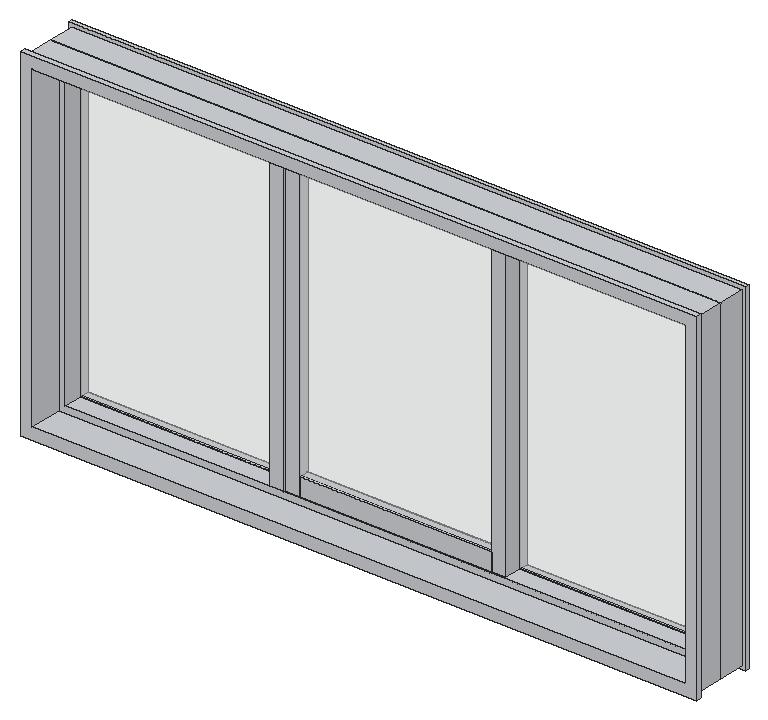
Revit family "APL Residential Thermal Heart Sliding Window FSF", category Windows, host Wall, Revit 2017 (continued)
Definition of nested family "APL Residential Thermal Heart Sliding Window FSF Vertical Section"
  Definition of nested family "Two Panel Sill"
    Definition of nested family "65380_Frame Sill"
      Lines and regions (mm)
        detail lines, in view "Ref. Level"
          curve 580: line (70.6, 10, 0) -> (70.893, 10, 0)
          curve 581: line (71.093, 10.054, 0) -> (72.621, 10.939, 0)
          curve 582: line (73.222, 11.1, 0) -> (74.145, 11.1, 0)
          curve 583: line (75.084, 11.758, 0) -> (75.877, 13.937, 0)
          curve 584: line (76.253, 14.2, 0) -> (78.947, 14.2, 0)
          curve 585: line (79.323, 13.937, 0) -> (80.116, 11.758, 0)
          curve 586: line (81.055, 11.1, 0) -> (81.978, 11.1, 0)
          curve 587: line (82.579, 10.939, 0) -> (84.107, 10.054, 0)
          curve 588: line (84.307, 10, 0) -> (84.6, 10, 0)
          curve 589: line (85, 10.4, 0) -> (85, 13.8, 0)
          curve 590: line (84.6, 14.2, 0) -> (84.307, 14.2, 0)
          curve 591: line (84.107, 14.146, 0) -> (82.579, 13.262, 0)
          curve 592: line (81.684, 13.298, 0) -> (80.796, 15.737, 0)
          curve 593: line (80.42, 16, 0) -> (74.78, 16, 0)
          curve 594: line (74.404, 15.737, 0) -> (73.516, 13.298, 0)
          curve 595: line (72.621, 13.262, 0) -> (71.093, 14.146, 0)
          curve 596: line (70.893, 14.2, 0) -> (70.6, 14.2, 0)
          curve 597: line (70.2, 13.8, 0) -> (70.2, 10.4, 0)
          curve 598: arc (70.2, 5.6, 0) -> (70.317, 5.883, 0) -> (70.6, 6, 0) r 0.4
          curve 599: arc (70.893, 6, 0) -> (70.996, 5.987, 0) -> (71.093, 5.946, 0) r 0.4
          curve 600: arc (72.621, 5.062, 0) -> (72.911, 4.941, 0) -> (73.222, 4.9, 0) r 1.2
          curve 601: arc (74.145, 4.9, 0) -> (74.718, 4.719, 0) -> (75.084, 4.242, 0) r 1
          curve 602: arc (75.877, 2.063, 0) -> (76.024, 1.873, 0) -> (76.253, 1.8, 0) r 0.4
          curve 603: arc (78.947, 1.8, 0) -> (79.176, 1.873, 0) -> (79.323, 2.063, 0) r 0.4
          curve 604: arc (80.116, 4.242, 0) -> (80.482, 4.719, 0) -> (81.055, 4.9, 0) r 1
          curve 605: arc (81.978, 4.9, 0) -> (82.289, 4.941, 0) -> (82.579, 5.062, 0) r 1.2
          curve 606: arc (84.107, 5.946, 0) -> (84.204, 5.987, 0) -> (84.307, 6, 0) r 0.4
          curve 607: arc (84.6, 6, 0) -> (84.883, 5.883, 0) -> (85, 5.6, 0) r 0.4
          curve 608: arc (85, 2.2, 0) -> (84.883, 1.917, 0) -> (84.6, 1.8, 0) r 0.4
          curve 609: arc (84.307, 1.8, 0) -> (84.204, 1.814, 0) -> (84.107, 1.854, 0) r 0.4
          curve 610: arc (82.579, 2.739, 0) -> (82.285, 2.86, 0) -> (81.97, 2.9, 0) r 1.2
          curve 611: arc (81.97, 2.9, 0) -> (81.795, 2.847, 0) -> (81.684, 2.703, 0) r 0.3
          curve 612: arc (80.796, 0.263, 0) -> (80.649, 0.073, 0) -> (80.42, 0, 0) r 0.4
          curve 613: arc (74.78, 0, 0) -> (74.551, 0.073, 0) -> (74.404, 0.263, 0) r 0.4
          curve 614: arc (73.516, 2.703, 0) -> (73.405, 2.847, 0) -> (73.23, 2.9, 0) r 0.3
          curve 615: arc (73.23, 2.9, 0) -> (72.915, 2.86, 0) -> (72.621, 2.739, 0) r 1.2
          curve 616: arc (71.093, 1.854, 0) -> (70.996, 1.814, 0) -> (70.893, 1.8, 0) r 0.4
          curve 617: arc (70.6, 1.8, 0) -> (70.317, 1.917, 0) -> (70.2, 2.2, 0) r 0.4
          curve 618: line (70.6, 6, 0) -> (70.893, 6, 0)
          curve 619: line (71.093, 5.946, 0) -> (72.621, 5.062, 0)
          curve 620: line (73.222, 4.9, 0) -> (74.145, 4.9, 0)
          curve 621: line (75.084, 4.242, 0) -> (75.877, 2.063, 0)
          curve 622: line (76.253, 1.8, 0) -> (78.947, 1.8, 0)
          curve 623: line (79.323, 2.063, 0) -> (80.116, 4.242, 0)
          curve 624: line (81.055, 4.9, 0) -> (81.978, 4.9, 0)
          curve 625: line (82.579, 5.062, 0) -> (84.107, 5.946, 0)
          curve 626: line (84.307, 6, 0) -> (84.6, 6, 0)
          curve 627: line (85, 5.6, 0) -> (85, 2.2, 0)
          curve 628: line (84.6, 1.8, 0) -> (84.307, 1.8, 0)
          curve 629: line (84.107, 1.854, 0) -> (82.579, 2.739, 0)
          curve 630: line (81.684, 2.703, 0) -> (80.796, 0.263, 0)
          curve 631: line (80.42, 0, 0) -> (74.78, 0, 0)
          curve 632: line (74.404, 0.263, 0) -> (73.516, 2.703, 0)
          curve 633: line (72.621, 2.739, 0) -> (71.093, 1.854, 0)
          curve 634: line (70.893, 1.8, 0) -> (70.6, 1.8, 0)
          curve 635: line (70.2, 2.2, 0) -> (70.2, 5.6, 0)
          curve 636: line (106.85, 34.861, 0) -> (112.6, 36.402, 0)
          curve 637: line (111.139, 36.01, 0) -> (106.85, 36.01, 0)
          curve 638: line (112.6, 36.85, 0) -> (106.85, 36.85, 0)
          curve 639: line (112.6, 37.69, 0) -> (106.85, 37.69, 0)
          curve 640: line (112.6, 38.61, 0) -> (106.85, 38.61, 0)
          curve 641: line (112.6, 39.45, 0) -> (106.85, 39.45, 0)
          curve 642: line (111.139, 40.29, 0) -> (106.85, 40.29, 0)
          curve 643: line (112.6, 39.899, 0) -> (106.85, 41.439, 0)
          curve 644: line (112.85, 34.7, 0) -> (112.85, 41.6, 0)
          curve 645: line (112.6, 41.6, 0) -> (112.6, 34.7, 0)
          curve 646: line (112.6, 34.7, 0) -> (113.1, 34.7, 0)
          curve 647: line (113.1, 34.7, 0) -> (113.1, 41.6, 0)
          curve 648: line (113.1, 41.6, 0) -> (112.6, 41.6, 0)
          curve 662: line (74.15, 34.861, 0) -> (68.4, 36.402, 0)
          curve 663: line (69.861, 36.01, 0) -> (74.15, 36.01, 0)
          curve 664: line (68.4, 36.85, 0) -> (74.15, 36.85, 0)
          curve 665: line (68.4, 37.69, 0) -> (74.15, 37.69, 0)
          curve 666: line (68.4, 38.61, 0) -> (74.15, 38.61, 0)
          curve 667: line (68.4, 39.45, 0) -> (74.15, 39.45, 0)
          curve 668: line (69.861, 40.29, 0) -> (74.15, 40.29, 0)
          curve 669: line (68.4, 39.899, 0) -> (74.15, 41.439, 0)
          curve 670: line (68.15, 34.7, 0) -> (68.15, 41.6, 0)
          curve 671: line (68.4, 41.6, 0) -> (68.4, 34.7, 0)
          curve 672: line (68.4, 34.7, 0) -> (67.9, 34.7, 0)
          curve 673: line (67.9, 34.7, 0) -> (67.9, 41.6, 0)
          curve 674: line (67.9, 41.6, 0) -> (68.4, 41.6, 0)
        detail lines, in view "Ref. Level", not visible
          curve 649: line (101.764, -41.439, 0) -> (107.514, -39.899, 0)
          curve 650: line (106.053, -40.29, 0) -> (101.764, -40.29, 0)
          curve 651: line (107.514, -39.45, 0) -> (101.764, -39.45, 0)
          curve 652: line (107.514, -38.61, 0) -> (101.764, -38.61, 0)
          curve 653: line (107.514, -37.69, 0) -> (101.764, -37.69, 0)
          curve 654: line (107.514, -36.85, 0) -> (101.764, -36.85, 0)
          curve 655: line (106.053, -36.01, 0) -> (101.764, -36.01, 0)
          curve 656: line (107.514, -36.401, 0) -> (101.764, -34.861, 0)
          curve 657: line (107.764, -41.6, 0) -> (107.764, -34.7, 0)
          curve 658: line (107.514, -34.7, 0) -> (107.514, -41.6, 0)
          curve 659: line (107.514, -41.6, 0) -> (108.014, -41.6, 0)
          curve 660: line (108.014, -41.6, 0) -> (108.014, -34.7, 0)
          curve 661: line (108.014, -34.7, 0) -> (107.514, -34.7, 0)
      Text (mm)
        text "65380" at (9.719, 46, 0), in view "Ref. Level"
    Definition of nested family "65460_Door Top And Window Rail"
      Reference planes
        plane 1 "Center (Front/Back)": y = 0
        plane 2: z = 0
        plane 3 "Center (Left/Right)": x = 0
      Lines and regions (mm)
        detail lines, in view "Ref. Level"
          curve 1: arc (20.155, 25.72, 0) -> (19.65, 25.078, 0) -> (19.29, 24.346, 0) r 3.9
          curve 2: arc (19.29, 24.346, 0) -> (19.067, 24.218, 0) -> (18.902, 24.415, 0) r 0.2
          curve 3: arc (18.902, 31.835, 0) -> (19.067, 32.032, 0) -> (19.29, 31.904, 0) r 0.2
          curve 4: arc (19.29, 31.904, 0) -> (19.65, 31.172, 0) -> (20.155, 30.53, 0) r 3.9
          curve 5: arc (20.155, 30.53, 0) -> (21.428, 30.513, 0) -> (21.445, 31.786, 0) r 0.9
          curve 6: arc (21.445, 31.786, 0) -> (20.85, 33.25, 0) -> (21.445, 34.715, 0) r 2.1
          curve 7: arc (21.445, 34.715, 0) -> (21.57, 34.877, 0) -> (21.656, 35.064, 0) r 0.9
          curve 8: arc (21.656, 35.064, 0) -> (21.753, 35.236, 0) -> (21.91, 35.358, 0) r 0.5
          curve 9: arc (21.91, 35.358, 0) -> (22.95, 35.6, 0) -> (23.99, 35.358, 0) r 2.35
          curve 10: arc (23.99, 35.358, 0) -> (24.147, 35.236, 0) -> (24.244, 35.064, 0) r 0.5
          curve 11: arc (24.244, 35.064, 0) -> (24.33, 34.877, 0) -> (24.455, 34.715, 0) r 0.9
          curve 12: arc (24.455, 34.715, 0) -> (25.05, 33.25, 0) -> (24.455, 31.786, 0) r 2.1
          curve 13: arc (24.455, 31.786, 0) -> (24.472, 30.513, 0) -> (25.745, 30.53, 0) r 0.9
          curve 14: arc (25.745, 30.53, 0) -> (26.799, 32.619, 0) -> (26.468, 34.934, 0) r 3.9
          curve 15: arc (26.468, 34.934, 0) -> (26.496, 35.417, 0) -> (26.919, 35.65, 0) r 0.5
          curve 16: arc (31.08, 35.65, 0) -> (31.402, 35.533, 0) -> (31.572, 35.236, 0) r 0.5
          curve 17: arc (31.572, 21.014, 0) -> (31.402, 20.717, 0) -> (31.08, 20.6, 0) r 0.5
          curve 18: arc (26.919, 20.6, 0) -> (26.496, 20.834, 0) -> (26.468, 21.316, 0) r 0.5
          curve 19: arc (26.468, 21.316, 0) -> (26.799, 23.631, 0) -> (25.745, 25.72, 0) r 3.9
          curve 20: arc (25.745, 25.72, 0) -> (24.472, 25.737, 0) -> (24.455, 24.464, 0) r 0.9
          curve 21: arc (24.455, 24.464, 0) -> (25.05, 23, 0) -> (24.455, 21.535, 0) r 2.1
          curve 22: arc (24.455, 21.535, 0) -> (24.33, 21.373, 0) -> (24.244, 21.186, 0) r 0.9
          curve 23: arc (24.244, 21.186, 0) -> (24.147, 21.014, 0) -> (23.99, 20.892, 0) r 0.5
          curve 24: arc (23.99, 20.892, 0) -> (22.95, 20.65, 0) -> (21.91, 20.892, 0) r 2.35
          curve 25: arc (21.91, 20.892, 0) -> (21.753, 21.014, 0) -> (21.656, 21.186, 0) r 0.5
          curve 26: arc (21.656, 21.186, 0) -> (21.57, 21.373, 0) -> (21.445, 21.535, 0) r 0.9
          curve 27: arc (21.445, 21.535, 0) -> (20.85, 23, 0) -> (21.445, 24.464, 0) r 2.1
          curve 28: arc (21.445, 24.464, 0) -> (21.428, 25.737, 0) -> (20.155, 25.72, 0) r 0.9
          curve 29: arc (17.002, 21.247, 0) -> (17.028, 21.125, 0) -> (17.102, 21.023, 0) r 0.3
          curve 30: arc (17.102, 21.023, 0) -> (17.182, 20.693, 0) -> (16.902, 20.5, 0) r 0.3
          curve 31: arc (14.681, 21.043, 0) -> (14.592, 21.095, 0) -> (14.54, 21.184, 0) r 0.2
          curve 32: arc (14.495, 21.352, 0) -> (14.354, 21.493, 0) -> (14.161, 21.441, 0) r 0.2
          curve 33: arc (13.797, 21.077, 0) -> (13.737, 20.992, 0) -> (13.71, 20.891, 0) r 0.3
          curve 34: arc (13.503, 18.526, 0) -> (13.619, 18.262, 0) -> (13.905, 18.218, 0) r 0.3
          curve 35: arc (15.315, 18.731, 0) -> (15.441, 18.819, 0) -> (15.507, 18.957, 0) r 0.3
          curve 36: arc (15.507, 18.957, 0) -> (15.78, 19.199, 0) -> (16.085, 19, 0) r 0.3
          curve 37: arc (31.1, 19, 0) -> (31.414, 18.904, 0) -> (31.601, 18.633, 0) r 0.5
          curve 38: arc (32.601, 3.535, 0) -> (32.523, 3.377, 0) -> (32.349, 3.342, 0) r 0.2
          curve 39: arc (31.453, 3.583, 0) -> (31.279, 3.548, 0) -> (31.201, 3.389, 0) r 0.2
          curve 40: arc (31.439, 1.205, 0) -> (31.508, 1.087, 0) -> (31.636, 1.04, 0) r 0.2
          curve 41: arc (32.901, 0.203, 0) -> (32.959, 0.06, 0) -> (33.101, 0, 0) r 0.2
          curve 42: arc (33.8, 0, 0) -> (33.941, 0.059, 0) -> (34, 0.2, 0) r 0.2
          curve 43: arc (34, 71.5, 0) -> (33.854, 71.854, 0) -> (33.5, 72, 0) r 0.5
          curve 44: arc (32.4, 72, 0) -> (32.259, 71.942, 0) -> (32.2, 71.8, 0) r 0.2
          curve 45: arc (32.2, 57.95, 0) -> (32.141, 57.809, 0) -> (32, 57.75, 0) r 0.2
          curve 46: arc (29.4, 57.75, 0) -> (29.259, 57.692, 0) -> (29.2, 57.55, 0) r 0.2
          curve 47: arc (29.2, 56.45, 0) -> (29.259, 56.309, 0) -> (29.4, 56.25, 0) r 0.2
          curve 48: arc (32, 56.25, 0) -> (32.141, 56.192, 0) -> (32.2, 56.05, 0) r 0.2
          curve 49: arc (32.2, 42.95, 0) -> (32.141, 42.809, 0) -> (32, 42.75, 0) r 0.2
          curve 50: arc (29.4, 42.75, 0) -> (29.259, 42.692, 0) -> (29.2, 42.55, 0) r 0.2
          curve 51: arc (29.2, 41.45, 0) -> (29.259, 41.309, 0) -> (29.4, 41.25, 0) r 0.2
          curve 52: arc (32, 41.25, 0) -> (32.141, 41.192, 0) -> (32.2, 41.05, 0) r 0.2
          curve 53: arc (31.601, 37.618, 0) -> (31.422, 37.352, 0) -> (31.119, 37.25, 0) r 0.5
          curve 54: arc (16.085, 37.25, 0) -> (15.78, 37.051, 0) -> (15.507, 37.293, 0) r 0.3
          curve 55: arc (15.507, 37.293, 0) -> (15.441, 37.431, 0) -> (15.315, 37.519, 0) r 0.3
          curve 56: arc (13.905, 38.032, 0) -> (13.619, 37.988, 0) -> (13.503, 37.724, 0) r 0.3
          curve 57: arc (13.71, 35.359, 0) -> (13.737, 35.258, 0) -> (13.797, 35.173, 0) r 0.3
          curve 58: arc (14.161, 34.809, 0) -> (14.354, 34.757, 0) -> (14.495, 34.898, 0) r 0.2
          curve 59: arc (14.54, 35.066, 0) -> (14.592, 35.155, 0) -> (14.681, 35.207, 0) r 0.2
          curve 60: arc (16.902, 35.75, 0) -> (17.182, 35.557, 0) -> (17.102, 35.227, 0) r 0.3
          curve 61: arc (17.102, 35.227, 0) -> (17.028, 35.125, 0) -> (17.002, 35.003, 0) r 0.3
          curve 62: arc (17.196, 31, 0) -> (17.16, 30.828, 0) -> (17.002, 30.75, 0) r 0.2
          curve 63: arc (16.482, 30.75, 0) -> (16.4, 30.761, 0) -> (16.325, 30.794, 0) r 0.3
          curve 64: arc (15.071, 31.559, 0) -> (15.074, 31.729, 0) -> (14.968, 31.861, 0) r 0.25
          curve 65: arc (14.882, 31.914, 0) -> (14.63, 31.918, 0) -> (14.502, 31.7, 0) r 0.25
          curve 66: arc (14.502, 29.554, 0) -> (14.528, 29.456, 0) -> (14.598, 29.383, 0) r 0.2
          curve 67: arc (16.379, 28.296, 0) -> (16.475, 28.125, 0) -> (16.379, 27.954, 0) r 0.2
          curve 68: arc (14.598, 26.867, 0) -> (14.528, 26.794, 0) -> (14.502, 26.696, 0) r 0.2
          curve 69: arc (14.502, 24.55, 0) -> (14.629, 24.332, 0) -> (14.882, 24.336, 0) r 0.25
          curve 70: arc (14.968, 24.388, 0) -> (15.074, 24.521, 0) -> (15.071, 24.691, 0) r 0.25
          curve 71: arc (16.325, 25.456, 0) -> (16.4, 25.489, 0) -> (16.481, 25.5, 0) r 0.3
          curve 72: line (18.902, 24.415, 0) -> (18.902, 31.835, 0)
          curve 73: line (26.919, 35.65, 0) -> (31.08, 35.65, 0)
          curve 74: line (31.572, 35.236, 0) -> (32.193, 31.693, 0)
          curve 75: line (32.2, 31.607, 0) -> (32.2, 24.643, 0)
          curve 76: line (32.193, 24.557, 0) -> (31.572, 21.014, 0)
          curve 77: line (31.08, 20.6, 0) -> (26.919, 20.6, 0)
          curve 78: line (17.196, 25.25, 0) -> (17.002, 24.5, 0)
          curve 79: line (17.002, 24.474, 0) -> (17.002, 21.247, 0)
          curve 80: line (16.67, 20.51, 0) -> (14.681, 21.043, 0)
          curve 81: line (14.54, 21.184, 0) -> (14.495, 21.352, 0)
          curve 82: line (14.161, 21.441, 0) -> (13.797, 21.077, 0)
          curve 83: line (13.71, 20.891, 0) -> (13.503, 18.526, 0)
          curve 84: line (13.905, 18.218, 0) -> (15.315, 18.731, 0)
          curve 85: line (16.085, 19, 0) -> (31.1, 19, 0)
          curve 86: line (31.601, 18.633, 0) -> (32.583, 15.065, 0)
          curve 87: line (32.601, 14.933, 0) -> (32.601, 3.535, 0)
          curve 88: line (32.349, 3.342, 0) -> (31.453, 3.583, 0)
          curve 89: line (31.201, 3.389, 0) -> (31.201, 2.558, 0)
          curve 90: line (31.201, 2.558, 0) -> (31.439, 1.205, 0)
          curve 91: line (31.636, 1.04, 0) -> (32.901, 1.04, 0)
          curve 92: line (32.901, 1.04, 0) -> (32.901, 0.203, 0)
          curve 93: line (33.101, 0, 0) -> (33.8, 0, 0)
          curve 94: line (34, 0.2, 0) -> (34, 71.5, 0)
          curve 95: line (33.5, 72, 0) -> (32.4, 72, 0)
          curve 96: line (32.2, 71.8, 0) -> (32.2, 57.95, 0)
          curve 97: line (32, 57.75, 0) -> (29.4, 57.75, 0)
          curve 98: line (29.2, 57.55, 0) -> (29.2, 56.45, 0)
          curve 99: line (29.4, 56.25, 0) -> (32, 56.25, 0)
          curve 100: line (32.2, 56.05, 0) -> (32.2, 42.95, 0)
          curve 101: line (32, 42.75, 0) -> (29.4, 42.75, 0)
          curve 102: line (29.2, 42.55, 0) -> (29.2, 41.45, 0)
          curve 103: line (29.4, 41.25, 0) -> (32, 41.25, 0)
          curve 104: line (32.2, 41.05, 0) -> (32.2, 39.861, 0)
          curve 105: line (32.182, 39.728, 0) -> (31.601, 37.618, 0)
          curve 106: line (31.119, 37.25, 0) -> (23.35, 37.25, 0)
          curve 107: line (23.35, 37.25, 0) -> (22.95, 36.85, 0)
          curve 108: line (22.95, 36.85, 0) -> (22.55, 37.25, 0)
          curve 109: line (22.55, 37.25, 0) -> (16.085, 37.25, 0)
          curve 110: line (15.315, 37.519, 0) -> (13.905, 38.032, 0)
          curve 111: line (13.503, 37.724, 0) -> (13.71, 35.359, 0)
          curve 112: line (13.797, 35.173, 0) -> (14.161, 34.809, 0)
          curve 113: line (14.495, 34.898, 0) -> (14.54, 35.066, 0)
          curve 114: line (14.681, 35.207, 0) -> (16.67, 35.74, 0)
          curve 115: line (17.002, 35.003, 0) -> (17.002, 31.776, 0)
          curve 116: line (17.002, 31.75, 0) -> (17.196, 31, 0)
          curve 117: line (17.002, 30.75, 0) -> (16.482, 30.75, 0)
          curve 118: line (16.325, 30.794, 0) -> (15.071, 31.559, 0)
          curve 119: line (14.502, 31.7, 0) -> (14.502, 29.554, 0)
          curve 120: line (14.598, 29.383, 0) -> (16.379, 28.296, 0)
          curve 121: line (16.379, 27.954, 0) -> (14.598, 26.867, 0)
          curve 122: line (14.502, 26.696, 0) -> (14.502, 24.55, 0)
          curve 123: line (15.071, 24.691, 0) -> (16.325, 25.456, 0)
          curve 124: line (16.481, 25.5, 0) -> (17.002, 25.5, 0)
          curve 125: arc (17.002, 25.5, 0) -> (17.16, 25.422, 0) -> (17.196, 25.25, 0) r 0.2
          curve 126: arc (2.202, 31.65, 0) -> (2.319, 31.367, 0) -> (2.602, 31.25, 0) r 0.4
          curve 127: arc (2.895, 31.25, 0) -> (2.998, 31.264, 0) -> (3.095, 31.304, 0) r 0.4
          curve 128: arc (4.623, 32.189, 0) -> (4.913, 32.309, 0) -> (5.224, 32.35, 0) r 1.2
          curve 129: arc (6.147, 32.35, 0) -> (6.72, 32.531, 0) -> (7.086, 33.008, 0) r 1
          curve 130: arc (7.879, 35.187, 0) -> (8.026, 35.378, 0) -> (8.255, 35.45, 0) r 0.4
          curve 131: arc (10.949, 35.45, 0) -> (11.178, 35.378, 0) -> (11.325, 35.187, 0) r 0.4
          curve 132: arc (12.118, 33.008, 0) -> (12.484, 32.531, 0) -> (13.057, 32.35, 0) r 1
          curve 133: arc (13.98, 32.35, 0) -> (14.291, 32.309, 0) -> (14.581, 32.189, 0) r 1.2
          curve 134: arc (16.109, 31.304, 0) -> (16.206, 31.264, 0) -> (16.309, 31.25, 0) r 0.4
          curve 135: arc (16.602, 31.25, 0) -> (16.885, 31.367, 0) -> (17.002, 31.65, 0) r 0.4
          curve 136: arc (17.002, 35.05, 0) -> (16.885, 35.333, 0) -> (16.602, 35.45, 0) r 0.4
          curve 137: arc (16.309, 35.45, 0) -> (16.206, 35.437, 0) -> (16.109, 35.396, 0) r 0.4
          curve 138: arc (14.581, 34.512, 0) -> (14.287, 34.39, 0) -> (13.972, 34.35, 0) r 1.2
          curve 139: arc (13.972, 34.35, 0) -> (13.797, 34.403, 0) -> (13.686, 34.548, 0) r 0.3
          curve 140: arc (12.798, 36.987, 0) -> (12.651, 37.178, 0) -> (12.422, 37.25, 0) r 0.4
          curve 141: arc (6.782, 37.25, 0) -> (6.553, 37.178, 0) -> (6.406, 36.987, 0) r 0.4
          curve 142: arc (5.518, 34.548, 0) -> (5.407, 34.403, 0) -> (5.232, 34.35, 0) r 0.3
          curve 143: arc (5.232, 34.35, 0) -> (4.917, 34.39, 0) -> (4.623, 34.512, 0) r 1.2
          curve 144: arc (3.095, 35.396, 0) -> (2.998, 35.437, 0) -> (2.895, 35.45, 0) r 0.4
          curve 145: arc (2.602, 35.45, 0) -> (2.319, 35.333, 0) -> (2.202, 35.05, 0) r 0.4
          curve 146: line (2.602, 31.25, 0) -> (2.895, 31.25, 0)
          curve 147: line (3.095, 31.304, 0) -> (4.623, 32.189, 0)
          curve 148: line (5.224, 32.35, 0) -> (6.147, 32.35, 0)
          curve 149: line (7.086, 33.008, 0) -> (7.879, 35.187, 0)
          curve 150: line (8.255, 35.45, 0) -> (10.949, 35.45, 0)
          curve 151: line (11.325, 35.187, 0) -> (12.118, 33.008, 0)
          curve 152: line (13.057, 32.35, 0) -> (13.98, 32.35, 0)
          curve 153: line (14.581, 32.189, 0) -> (16.109, 31.304, 0)
          curve 154: line (16.309, 31.25, 0) -> (16.602, 31.25, 0)
          curve 155: line (17.002, 31.65, 0) -> (17.002, 35.05, 0)
          curve 156: line (16.602, 35.45, 0) -> (16.309, 35.45, 0)
          curve 157: line (16.109, 35.396, 0) -> (14.581, 34.512, 0)
          curve 158: line (13.686, 34.548, 0) -> (12.798, 36.987, 0)
          curve 159: line (12.422, 37.25, 0) -> (6.782, 37.25, 0)
          curve 160: line (6.406, 36.987, 0) -> (5.518, 34.548, 0)
          curve 161: line (4.623, 34.512, 0) -> (3.095, 35.396, 0)
          curve 162: line (2.895, 35.45, 0) -> (2.602, 35.45, 0)
          curve 163: line (2.202, 35.05, 0) -> (2.202, 31.65, 0)
          curve 164: arc (2.202, 24.6, 0) -> (2.319, 24.883, 0) -> (2.602, 25, 0) r 0.4
          curve 165: arc (2.895, 25, 0) -> (2.998, 24.986, 0) -> (3.095, 24.946, 0) r 0.4
          curve 166: arc (4.623, 24.061, 0) -> (4.913, 23.941, 0) -> (5.224, 23.9, 0) r 1.2
          curve 167: arc (6.147, 23.9, 0) -> (6.72, 23.719, 0) -> (7.086, 23.242, 0) r 1
          curve 168: arc (7.879, 21.063, 0) -> (8.026, 20.872, 0) -> (8.255, 20.8, 0) r 0.4
          curve 169: arc (10.949, 20.8, 0) -> (11.178, 20.872, 0) -> (11.325, 21.063, 0) r 0.4
          curve 170: arc (12.118, 23.242, 0) -> (12.484, 23.719, 0) -> (13.057, 23.9, 0) r 1
          curve 171: arc (13.98, 23.9, 0) -> (14.291, 23.941, 0) -> (14.581, 24.061, 0) r 1.2
          curve 172: arc (16.109, 24.946, 0) -> (16.206, 24.986, 0) -> (16.309, 25, 0) r 0.4
          curve 173: arc (16.602, 25, 0) -> (16.885, 24.883, 0) -> (17.002, 24.6, 0) r 0.4
          curve 174: arc (17.002, 21.2, 0) -> (16.885, 20.917, 0) -> (16.602, 20.8, 0) r 0.4
          curve 175: arc (16.309, 20.8, 0) -> (16.206, 20.813, 0) -> (16.109, 20.854, 0) r 0.4
          curve 176: arc (14.581, 21.738, 0) -> (14.287, 21.86, 0) -> (13.972, 21.9, 0) r 1.2
          curve 177: arc (13.972, 21.9, 0) -> (13.797, 21.847, 0) -> (13.686, 21.702, 0) r 0.3
          curve 178: arc (12.798, 19.263, 0) -> (12.651, 19.072, 0) -> (12.422, 19, 0) r 0.4
          curve 179: arc (6.782, 19, 0) -> (6.553, 19.072, 0) -> (6.406, 19.263, 0) r 0.4
          curve 180: arc (5.518, 21.702, 0) -> (5.407, 21.847, 0) -> (5.232, 21.9, 0) r 0.3
          curve 181: arc (5.232, 21.9, 0) -> (4.917, 21.86, 0) -> (4.623, 21.738, 0) r 1.2
          curve 182: arc (3.095, 20.854, 0) -> (2.998, 20.813, 0) -> (2.895, 20.8, 0) r 0.4
          curve 183: arc (2.602, 20.8, 0) -> (2.319, 20.917, 0) -> (2.202, 21.2, 0) r 0.4
          curve 184: line (2.602, 25, 0) -> (2.895, 25, 0)
          curve 185: line (3.095, 24.946, 0) -> (4.623, 24.061, 0)
          curve 186: line (5.224, 23.9, 0) -> (6.147, 23.9, 0)
          curve 187: line (7.086, 23.242, 0) -> (7.879, 21.063, 0)
          curve 188: line (8.255, 20.8, 0) -> (10.949, 20.8, 0)
          curve 189: line (11.325, 21.063, 0) -> (12.118, 23.242, 0)
          curve 190: line (13.057, 23.9, 0) -> (13.98, 23.9, 0)
          curve 191: line (14.581, 24.061, 0) -> (16.109, 24.946, 0)
          curve 192: line (16.309, 25, 0) -> (16.602, 25, 0)
          curve 193: line (17.002, 24.6, 0) -> (17.002, 21.2, 0)
          curve 194: line (16.602, 20.8, 0) -> (16.309, 20.8, 0)
          curve 195: line (16.109, 20.854, 0) -> (14.581, 21.738, 0)
          curve 196: line (13.686, 21.702, 0) -> (12.798, 19.263, 0)
          curve 197: line (12.422, 19, 0) -> (6.782, 19, 0)
          curve 198: line (6.406, 19.263, 0) -> (5.518, 21.702, 0)
          curve 199: line (4.623, 21.738, 0) -> (3.095, 20.854, 0)
          curve 200: line (2.895, 20.8, 0) -> (2.602, 20.8, 0)
          curve 201: line (2.202, 21.2, 0) -> (2.202, 24.6, 0)
          curve 202: arc (2.402, 7.33, 0) -> (2.261, 7.271, 0) -> (2.202, 7.13, 0) r 0.2
          curve 203: arc (2.202, 6.53, 0) -> (2.143, 6.388, 0) -> (2.002, 6.33, 0) r 0.2
          curve 204: arc (1.6, 6.33, 0) -> (1.459, 6.388, 0) -> (1.4, 6.53, 0) r 0.2
          curve 205: arc (1.644, 18.06, 0) -> (1.956, 18.728, 0) -> (2.642, 19, 0) r 1
          curve 206: arc (3.119, 19, 0) -> (3.424, 19.199, 0) -> (3.697, 18.957, 0) r 0.3
          curve 207: arc (3.697, 18.957, 0) -> (3.763, 18.819, 0) -> (3.889, 18.731, 0) r 0.3
          curve 208: arc (5.299, 18.218, 0) -> (5.585, 18.262, 0) -> (5.701, 18.526, 0) r 0.3
          curve 209: arc (5.494, 20.891, 0) -> (5.467, 20.992, 0) -> (5.407, 21.077, 0) r 0.3
          curve 210: arc (5.043, 21.441, 0) -> (4.85, 21.493, 0) -> (4.709, 21.352, 0) r 0.2
          curve 211: arc (4.664, 21.184, 0) -> (4.612, 21.095, 0) -> (4.523, 21.043, 0) r 0.2
          curve 212: arc (2.302, 20.5, 0) -> (2.022, 20.693, 0) -> (2.102, 21.023, 0) r 0.3
          curve 213: arc (2.102, 21.023, 0) -> (2.176, 21.125, 0) -> (2.202, 21.247, 0) r 0.3
          curve 214: arc (2.008, 25.25, 0) -> (2.044, 25.422, 0) -> (2.202, 25.5, 0) r 0.2
          curve 215: arc (2.722, 25.5, 0) -> (2.804, 25.489, 0) -> (2.879, 25.456, 0) r 0.3
          curve 216: arc (4.133, 24.691, 0) -> (4.13, 24.521, 0) -> (4.236, 24.388, 0) r 0.25
          curve 217: arc (4.322, 24.336, 0) -> (4.574, 24.332, 0) -> (4.702, 24.55, 0) r 0.25
          curve 218: arc (4.702, 26.696, 0) -> (4.676, 26.794, 0) -> (4.606, 26.867, 0) r 0.2
          curve 219: arc (2.725, 28.015, 0) -> (2.629, 28.186, 0) -> (2.725, 28.357, 0) r 0.2
          curve 220: arc (4.606, 29.505, 0) -> (4.676, 29.578, 0) -> (4.702, 29.676, 0) r 0.2
          curve 221: arc (4.702, 31.7, 0) -> (4.575, 31.918, 0) -> (4.322, 31.914, 0) r 0.25
          curve 222: arc (4.236, 31.861, 0) -> (4.13, 31.729, 0) -> (4.133, 31.559, 0) r 0.25
          curve 223: arc (2.879, 30.794, 0) -> (2.804, 30.761, 0) -> (2.723, 30.75, 0) r 0.3
          curve 224: arc (2.202, 30.75, 0) -> (2.044, 30.828, 0) -> (2.008, 31, 0) r 0.2
          curve 225: arc (2.202, 35.003, 0) -> (2.176, 35.125, 0) -> (2.102, 35.227, 0) r 0.3
          curve 226: arc (2.102, 35.227, 0) -> (2.022, 35.557, 0) -> (2.302, 35.75, 0) r 0.3
          curve 227: arc (4.523, 35.207, 0) -> (4.612, 35.155, 0) -> (4.664, 35.066, 0) r 0.2
          curve 228: arc (4.709, 34.898, 0) -> (4.85, 34.757, 0) -> (5.043, 34.809, 0) r 0.2
          curve 229: arc (5.407, 35.173, 0) -> (5.467, 35.258, 0) -> (5.494, 35.359, 0) r 0.3
          curve 230: arc (5.701, 37.724, 0) -> (5.585, 37.988, 0) -> (5.299, 38.032, 0) r 0.3
          curve 231: arc (3.889, 37.519, 0) -> (3.763, 37.431, 0) -> (3.697, 37.293, 0) r 0.3
          curve 232: arc (3.697, 37.293, 0) -> (3.424, 37.051, 0) -> (3.119, 37.25, 0) r 0.3
          curve 233: arc (2.3, 37.25, 0) -> (1.946, 37.397, 0) -> (1.8, 37.75, 0) r 0.5
          curve 234: arc (1.8, 41.053, 0) -> (1.86, 41.193, 0) -> (2, 41.25, 0) r 0.2
          curve 235: arc (3, 41.25, 0) -> (3.141, 41.309, 0) -> (3.2, 41.45, 0) r 0.2
          curve 236: arc (3.2, 42.55, 0) -> (3.141, 42.692, 0) -> (3, 42.75, 0) r 0.2
          curve 237: arc (2, 42.75, 0) -> (1.86, 42.808, 0) -> (1.8, 42.947, 0) r 0.2
          curve 238: arc (1.8, 56.053, 0) -> (1.86, 56.193, 0) -> (2, 56.25, 0) r 0.2
          curve 239: arc (3, 56.25, 0) -> (3.141, 56.309, 0) -> (3.2, 56.45, 0) r 0.2
          curve 240: arc (3.2, 57.55, 0) -> (3.141, 57.692, 0) -> (3, 57.75, 0) r 0.2
          curve 241: arc (2, 57.75, 0) -> (1.86, 57.808, 0) -> (1.8, 57.947, 0) r 0.2
          curve 242: arc (1.8, 71.8, 0) -> (1.741, 71.942, 0) -> (1.6, 72, 0) r 0.2
          curve 243: arc (0.5, 72, 0) -> (0.146, 71.854, 0) -> (0, 71.5, 0) r 0.5
          curve 244: arc (0, 0.2, 0) -> (0.059, 0.058, 0) -> (0.2, 0, 0) r 0.2
          curve 245: arc (3.002, 0, 0) -> (3.143, 0.058, 0) -> (3.202, 0.2, 0) r 0.2
          curve 246: arc (3.202, 1.63, 0) -> (3.143, 1.771, 0) -> (3.002, 1.83, 0) r 0.2
          curve 247: arc (2.402, 1.83, 0) -> (2.261, 1.771, 0) -> (2.202, 1.63, 0) r 0.2
          curve 248: arc (2.202, 1.28, 0) -> (2.143, 1.138, 0) -> (2.002, 1.08, 0) r 0.2
          curve 249: arc (1.402, 1.08, 0) -> (1.261, 1.138, 0) -> (1.202, 1.28, 0) r 0.2
          curve 250: arc (1.202, 4.38, 0) -> (1.261, 4.521, 0) -> (1.402, 4.58, 0) r 0.2
          curve 251: arc (2.002, 4.58, 0) -> (2.143, 4.521, 0) -> (2.202, 4.38, 0) r 0.2
          curve 252: arc (2.202, 4.03, 0) -> (2.261, 3.888, 0) -> (2.402, 3.83, 0) r 0.2
          curve 253: arc (3.002, 3.83, 0) -> (3.143, 3.888, 0) -> (3.202, 4.03, 0) r 0.2
          curve 254: line (3.002, 7.33, 0) -> (2.402, 7.33, 0)
          curve 255: line (2.202, 7.13, 0) -> (2.202, 6.53, 0)
          curve 256: line (2.002, 6.33, 0) -> (1.6, 6.33, 0)
          curve 257: line (1.4, 6.53, 0) -> (1.4, 14, 0)
          curve 258: line (1.4, 14, 0) -> (1.644, 18.06, 0)
          curve 259: line (2.642, 19, 0) -> (3.119, 19, 0)
          curve 260: line (3.889, 18.731, 0) -> (5.299, 18.218, 0)
          curve 261: line (5.701, 18.526, 0) -> (5.494, 20.891, 0)
          curve 262: line (5.407, 21.077, 0) -> (5.043, 21.441, 0)
          curve 263: line (4.709, 21.352, 0) -> (4.664, 21.184, 0)
          curve 264: line (4.523, 21.043, 0) -> (2.534, 20.51, 0)
          curve 265: line (2.202, 21.247, 0) -> (2.202, 24.474, 0)
          curve 266: line (2.196, 24.524, 0) -> (2.008, 25.25, 0)
          curve 267: line (2.202, 25.5, 0) -> (2.722, 25.5, 0)
          curve 268: line (2.879, 25.456, 0) -> (4.133, 24.691, 0)
          curve 269: line (4.702, 24.55, 0) -> (4.702, 26.696, 0)
          curve 270: line (4.606, 26.867, 0) -> (2.725, 28.015, 0)
          curve 271: line (2.725, 28.357, 0) -> (4.606, 29.505, 0)
          curve 272: line (4.702, 29.676, 0) -> (4.702, 31.7, 0)
          curve 273: line (4.133, 31.559, 0) -> (2.879, 30.794, 0)
          curve 274: line (2.723, 30.75, 0) -> (2.202, 30.75, 0)
          curve 275: line (2.008, 31, 0) -> (2.196, 31.726, 0)
          curve 276: line (2.202, 31.776, 0) -> (2.202, 35.003, 0)
          curve 277: line (2.534, 35.74, 0) -> (4.523, 35.207, 0)
          curve 278: line (4.664, 35.066, 0) -> (4.709, 34.898, 0)
          curve 279: line (5.043, 34.809, 0) -> (5.407, 35.173, 0)
          curve 280: line (5.494, 35.359, 0) -> (5.701, 37.724, 0)
          curve 281: line (5.299, 38.032, 0) -> (3.889, 37.519, 0)
          curve 282: line (3.119, 37.25, 0) -> (2.3, 37.25, 0)
          curve 283: line (1.8, 37.75, 0) -> (1.8, 41.053, 0)
          curve 284: line (2, 41.25, 0) -> (3, 41.25, 0)
          curve 285: line (3.2, 41.45, 0) -> (3.2, 42.55, 0)
          curve 286: line (3, 42.75, 0) -> (2, 42.75, 0)
          curve 287: line (1.8, 42.947, 0) -> (1.8, 56.053, 0)
          curve 288: line (2, 56.25, 0) -> (3, 56.25, 0)
          curve 289: line (3.2, 56.45, 0) -> (3.2, 57.55, 0)
          curve 290: line (3, 57.75, 0) -> (2, 57.75, 0)
          curve 291: line (1.8, 57.947, 0) -> (1.8, 71.8, 0)
          curve 292: line (1.6, 72, 0) -> (0.5, 72, 0)
          curve 293: line (0, 71.5, 0) -> (0, 0.2, 0)
          curve 294: line (0.2, 0, 0) -> (3.002, 0, 0)
          curve 295: line (3.202, 0.2, 0) -> (3.202, 1.63, 0)
          curve 296: line (3.002, 1.83, 0) -> (2.402, 1.83, 0)
          curve 297: line (2.202, 1.63, 0) -> (2.202, 1.28, 0)
          curve 298: line (2.002, 1.08, 0) -> (1.402, 1.08, 0)
          curve 299: line (1.202, 1.28, 0) -> (1.202, 4.38, 0)
          curve 300: line (1.402, 4.58, 0) -> (2.002, 4.58, 0)
          curve 301: line (2.202, 4.38, 0) -> (2.202, 4.03, 0)
          curve 302: line (2.402, 3.83, 0) -> (3.002, 3.83, 0)
          curve 303: line (3.202, 4.03, 0) -> (3.202, 7.13, 0)
          curve 304: arc (3.202, 7.13, 0) -> (3.143, 7.271, 0) -> (3.002, 7.33, 0) r 0.2
      Text (mm)
        text "65460" at (7.711, 85.3, 0), in view "Ref. Level"
  Definition of nested family "Two Panel Head"
    Parameters (values of type "Two Panel Head")
      Threshold = yes
      Seal = yes
    Reference planes
      plane 1 "Center (Front/Back)": y = 0
      plane 2: z = 0
      plane 3 "Center (Left/Right)": x = 0
    Lines and regions (mm)
      detail lines, in view "Ref. Level", visible <- "Seal"
        curve 1: arc (40.782, -34.147, 0) -> (40.472, -34.007, 0) -> (40.309, -34.306, 0) r 0.25
        curve 2: arc (40.336, -44.194, 0) -> (40.498, -44.493, 0) -> (40.808, -44.353, 0) r 0.25
        curve 3: line (40.309, -34.306, 0) -> (41.303, -38.173, 0)
        curve 4: line (41.303, -38.173, 0) -> (40.3, -38.753, 0)
        curve 5: line (40.3, -38.753, 0) -> (40.3, -39.753, 0)
        curve 6: line (40.3, -39.753, 0) -> (41.325, -40.344, 0)
        curve 7: line (41.325, -40.344, 0) -> (40.336, -44.194, 0)
        curve 8: line (40.808, -44.353, 0) -> (42.532, -40.253, 0)
        curve 9: line (42.532, -40.253, 0) -> (43.8, -40.253, 0)
        curve 10: line (43.8, -40.253, 0) -> (43.8, -41.503, 0)
        curve 11: line (43.8, -41.503, 0) -> (44.8, -41.503, 0)
        curve 12: line (44.8, -41.503, 0) -> (44.8, -37.003, 0)
        curve 13: line (44.8, -37.003, 0) -> (43.8, -37.003, 0)
        curve 14: line (43.8, -37.003, 0) -> (43.8, -38.253, 0)
        curve 15: line (43.8, -38.253, 0) -> (42.508, -38.253, 0)
        curve 16: line (42.508, -38.253, 0) -> (40.782, -34.147, 0)
      detail lines, in view "Ref. Level", visible <- "Seal", not visible
        curve 17: arc (40.782, -34.147, 0) -> (40.472, -34.007, 0) -> (40.309, -34.306, 0) r 0.25
        curve 18: arc (40.336, -44.194, 0) -> (40.498, -44.493, 0) -> (40.808, -44.353, 0) r 0.25
        curve 19: line (40.309, -34.306, 0) -> (41.303, -38.173, 0)
        curve 20: line (41.303, -38.173, 0) -> (40.3, -38.753, 0)
        curve 21: line (40.3, -38.753, 0) -> (40.3, -39.753, 0)
        curve 22: line (40.3, -39.753, 0) -> (41.325, -40.344, 0)
        curve 23: line (41.325, -40.344, 0) -> (40.336, -44.194, 0)
        curve 24: line (40.808, -44.353, 0) -> (42.532, -40.253, 0)
        curve 25: line (42.532, -40.253, 0) -> (43.8, -40.253, 0)
        curve 26: line (43.8, -40.253, 0) -> (43.8, -41.503, 0)
        curve 27: line (43.8, -41.503, 0) -> (44.8, -41.503, 0)
        curve 28: line (44.8, -41.503, 0) -> (44.8, -37.003, 0)
        curve 29: line (44.8, -37.003, 0) -> (43.8, -37.003, 0)
        curve 30: line (43.8, -37.003, 0) -> (43.8, -38.253, 0)
        curve 31: line (43.8, -38.253, 0) -> (42.508, -38.253, 0)
        curve 32: line (42.508, -38.253, 0) -> (40.782, -34.147, 0)
      detail lines, in view "Ref. Level"
        curve 33: arc (0.123, -25.385, 0) -> (0.034, -25.312, 0) -> (0, -25.2, 0) r 0.2
        curve 34: arc (0, -24.2, 0) -> (0.059, -24.059, 0) -> (0.2, -24, 0) r 0.2
        curve 35: arc (1.987, -23.527, 0) -> (2.044, -23.412, 0) -> (2.019, -23.285, 0) r 0.2
        curve 36: arc (1.788, -22.888, 0) -> (1.916, -22.409, 0) -> (2.394, -22.537, 0) r 0.35
        curve 37: arc (2.779, -23.203, 0) -> (2.842, -23.516, 0) -> (2.701, -23.803, 0) r 0.497
        curve 38: arc (2.033, -24.47, 0) -> (1.979, -24.65, 0) -> (2.098, -24.796, 0) r 0.2
        curve 39: arc (41.094, -40.949, 0) -> (41.282, -40.93, 0) -> (41.37, -40.764, 0) r 0.2
        curve 40: arc (41.37, -36.481, 0) -> (41.586, -35.578, 0) -> (42.188, -34.869, 0) r 2
        curve 41: arc (42.188, -34.869, 0) -> (43.515, -32.691, 0) -> (42.924, -30.21, 0) r 3.35
        curve 42: arc (42.924, -30.21, 0) -> (43.038, -29.512, 0) -> (43.736, -29.625, 0) r 0.5
        curve 43: arc (43.736, -29.625, 0) -> (44.503, -32.847, 0) -> (42.779, -35.675, 0) r 4.35
        curve 44: arc (42.779, -35.675, 0) -> (42.478, -36.03, 0) -> (42.37, -36.481, 0) r 1
        curve 45: arc (42.37, -42.585, 0) -> (42.282, -42.751, 0) -> (42.094, -42.77, 0) r 0.2
        curve 46: line (0, -25.2, 0) -> (0, -24.2, 0)
        curve 47: line (0.2, -24, 0) -> (1.431, -24, 0)
        curve 48: line (1.573, -23.941, 0) -> (1.987, -23.527, 0)
        curve 49: line (2.019, -23.285, 0) -> (1.788, -22.888, 0)
        curve 50: line (2.394, -22.537, 0) -> (2.779, -23.203, 0)
        curve 51: line (2.701, -23.803, 0) -> (2.033, -24.47, 0)
        curve 52: line (2.098, -24.796, 0) -> (41.094, -40.949, 0)
        curve 53: line (41.37, -40.764, 0) -> (41.37, -36.481, 0)
        curve 54: line (42.37, -36.481, 0) -> (42.37, -42.585, 0)
        curve 55: line (42.094, -42.77, 0) -> (0.123, -25.385, 0)
    Dimensions and locks
      nested 1 to nested 2 = 3 mm
    Nested families
      nested 1: "65460_Door Top And Window Rail" at (73.5, -105, 0), type "65460_Door Top And Window Rail", in view "Ref. Level"
      nested 2: "65400_Frame Head" at (0, 0, 0), type "65400_Frame Head", in view "Ref. Level"
    Definition of nested family "65460_Door Top And Window Rail"
      Reference planes
        plane 1 "Center (Front/Back)": y = 0
        plane 2: z = 0
        plane 3 "Center (Left/Right)": x = 0
      Lines and regions (mm)
        detail lines, in view "Ref. Level"
          curve 1: arc (20.155, 25.72, 0) -> (19.65, 25.078, 0) -> (19.29, 24.346, 0) r 3.9
          curve 2: arc (19.29, 24.346, 0) -> (19.067, 24.218, 0) -> (18.902, 24.415, 0) r 0.2
          curve 3: arc (18.902, 31.835, 0) -> (19.067, 32.032, 0) -> (19.29, 31.904, 0) r 0.2
          curve 4: arc (19.29, 31.904, 0) -> (19.65, 31.172, 0) -> (20.155, 30.53, 0) r 3.9
          curve 5: arc (20.155, 30.53, 0) -> (21.428, 30.513, 0) -> (21.445, 31.786, 0) r 0.9
          curve 6: arc (21.445, 31.786, 0) -> (20.85, 33.25, 0) -> (21.445, 34.715, 0) r 2.1
          curve 7: arc (21.445, 34.715, 0) -> (21.57, 34.877, 0) -> (21.656, 35.064, 0) r 0.9
          curve 8: arc (21.656, 35.064, 0) -> (21.753, 35.236, 0) -> (21.91, 35.358, 0) r 0.5
          curve 9: arc (21.91, 35.358, 0) -> (22.95, 35.6, 0) -> (23.99, 35.358, 0) r 2.35
          curve 10: arc (23.99, 35.358, 0) -> (24.147, 35.236, 0) -> (24.244, 35.064, 0) r 0.5
          curve 11: arc (24.244, 35.064, 0) -> (24.33, 34.877, 0) -> (24.455, 34.715, 0) r 0.9
          curve 12: arc (24.455, 34.715, 0) -> (25.05, 33.25, 0) -> (24.455, 31.786, 0) r 2.1
          curve 13: arc (24.455, 31.786, 0) -> (24.472, 30.513, 0) -> (25.745, 30.53, 0) r 0.9
          curve 14: arc (25.745, 30.53, 0) -> (26.799, 32.619, 0) -> (26.468, 34.934, 0) r 3.9
          curve 15: arc (26.468, 34.934, 0) -> (26.496, 35.417, 0) -> (26.919, 35.65, 0) r 0.5
          curve 16: arc (31.08, 35.65, 0) -> (31.402, 35.533, 0) -> (31.572, 35.236, 0) r 0.5
          curve 17: arc (31.572, 21.014, 0) -> (31.402, 20.717, 0) -> (31.08, 20.6, 0) r 0.5
          curve 18: arc (26.919, 20.6, 0) -> (26.496, 20.834, 0) -> (26.468, 21.316, 0) r 0.5
          curve 19: arc (26.468, 21.316, 0) -> (26.799, 23.631, 0) -> (25.745, 25.72, 0) r 3.9
          curve 20: arc (25.745, 25.72, 0) -> (24.472, 25.737, 0) -> (24.455, 24.464, 0) r 0.9
          curve 21: arc (24.455, 24.464, 0) -> (25.05, 23, 0) -> (24.455, 21.535, 0) r 2.1
          curve 22: arc (24.455, 21.535, 0) -> (24.33, 21.373, 0) -> (24.244, 21.186, 0) r 0.9
          curve 23: arc (24.244, 21.186, 0) -> (24.147, 21.014, 0) -> (23.99, 20.892, 0) r 0.5
          curve 24: arc (23.99, 20.892, 0) -> (22.95, 20.65, 0) -> (21.91, 20.892, 0) r 2.35
          curve 25: arc (21.91, 20.892, 0) -> (21.753, 21.014, 0) -> (21.656, 21.186, 0) r 0.5
          curve 26: arc (21.656, 21.186, 0) -> (21.57, 21.373, 0) -> (21.445, 21.535, 0) r 0.9
          curve 27: arc (21.445, 21.535, 0) -> (20.85, 23, 0) -> (21.445, 24.464, 0) r 2.1
          curve 28: arc (21.445, 24.464, 0) -> (21.428, 25.737, 0) -> (20.155, 25.72, 0) r 0.9
          curve 29: arc (17.002, 21.247, 0) -> (17.028, 21.125, 0) -> (17.102, 21.023, 0) r 0.3
          curve 30: arc (17.102, 21.023, 0) -> (17.182, 20.693, 0) -> (16.902, 20.5, 0) r 0.3
          curve 31: arc (14.681, 21.043, 0) -> (14.592, 21.095, 0) -> (14.54, 21.184, 0) r 0.2
          curve 32: arc (14.495, 21.352, 0) -> (14.354, 21.493, 0) -> (14.161, 21.441, 0) r 0.2
          curve 33: arc (13.797, 21.077, 0) -> (13.737, 20.992, 0) -> (13.71, 20.891, 0) r 0.3
          curve 34: arc (13.503, 18.526, 0) -> (13.619, 18.262, 0) -> (13.905, 18.218, 0) r 0.3
          curve 35: arc (15.315, 18.731, 0) -> (15.441, 18.819, 0) -> (15.507, 18.957, 0) r 0.3
          curve 36: arc (15.507, 18.957, 0) -> (15.78, 19.199, 0) -> (16.085, 19, 0) r 0.3
          curve 37: arc (31.1, 19, 0) -> (31.414, 18.904, 0) -> (31.601, 18.633, 0) r 0.5
          curve 38: arc (32.601, 3.535, 0) -> (32.523, 3.377, 0) -> (32.349, 3.342, 0) r 0.2
          curve 39: arc (31.453, 3.583, 0) -> (31.279, 3.548, 0) -> (31.201, 3.389, 0) r 0.2
          curve 40: arc (31.439, 1.205, 0) -> (31.508, 1.087, 0) -> (31.636, 1.04, 0) r 0.2
          curve 41: arc (32.901, 0.203, 0) -> (32.959, 0.06, 0) -> (33.101, 0, 0) r 0.2
          curve 42: arc (33.8, 0, 0) -> (33.941, 0.059, 0) -> (34, 0.2, 0) r 0.2
          curve 43: arc (34, 71.5, 0) -> (33.854, 71.854, 0) -> (33.5, 72, 0) r 0.5
          curve 44: arc (32.4, 72, 0) -> (32.259, 71.942, 0) -> (32.2, 71.8, 0) r 0.2
          curve 45: arc (32.2, 57.95, 0) -> (32.141, 57.809, 0) -> (32, 57.75, 0) r 0.2
          curve 46: arc (29.4, 57.75, 0) -> (29.259, 57.692, 0) -> (29.2, 57.55, 0) r 0.2
          curve 47: arc (29.2, 56.45, 0) -> (29.259, 56.309, 0) -> (29.4, 56.25, 0) r 0.2
          curve 48: arc (32, 56.25, 0) -> (32.141, 56.192, 0) -> (32.2, 56.05, 0) r 0.2
          curve 49: arc (32.2, 42.95, 0) -> (32.141, 42.809, 0) -> (32, 42.75, 0) r 0.2
          curve 50: arc (29.4, 42.75, 0) -> (29.259, 42.692, 0) -> (29.2, 42.55, 0) r 0.2
          curve 51: arc (29.2, 41.45, 0) -> (29.259, 41.309, 0) -> (29.4, 41.25, 0) r 0.2
          curve 52: arc (32, 41.25, 0) -> (32.141, 41.192, 0) -> (32.2, 41.05, 0) r 0.2
          curve 53: arc (31.601, 37.618, 0) -> (31.422, 37.352, 0) -> (31.119, 37.25, 0) r 0.5
          curve 54: arc (16.085, 37.25, 0) -> (15.78, 37.051, 0) -> (15.507, 37.293, 0) r 0.3
          curve 55: arc (15.507, 37.293, 0) -> (15.441, 37.431, 0) -> (15.315, 37.519, 0) r 0.3
          curve 56: arc (13.905, 38.032, 0) -> (13.619, 37.988, 0) -> (13.503, 37.724, 0) r 0.3
          curve 57: arc (13.71, 35.359, 0) -> (13.737, 35.258, 0) -> (13.797, 35.173, 0) r 0.3
          curve 58: arc (14.161, 34.809, 0) -> (14.354, 34.757, 0) -> (14.495, 34.898, 0) r 0.2
          curve 59: arc (14.54, 35.066, 0) -> (14.592, 35.155, 0) -> (14.681, 35.207, 0) r 0.2
          curve 60: arc (16.902, 35.75, 0) -> (17.182, 35.557, 0) -> (17.102, 35.227, 0) r 0.3
          curve 61: arc (17.102, 35.227, 0) -> (17.028, 35.125, 0) -> (17.002, 35.003, 0) r 0.3
          curve 62: arc (17.196, 31, 0) -> (17.16, 30.828, 0) -> (17.002, 30.75, 0) r 0.2
          curve 63: arc (16.482, 30.75, 0) -> (16.4, 30.761, 0) -> (16.325, 30.794, 0) r 0.3
          curve 64: arc (15.071, 31.559, 0) -> (15.074, 31.729, 0) -> (14.968, 31.861, 0) r 0.25
          curve 65: arc (14.882, 31.914, 0) -> (14.63, 31.918, 0) -> (14.502, 31.7, 0) r 0.25
          curve 66: arc (14.502, 29.554, 0) -> (14.528, 29.456, 0) -> (14.598, 29.383, 0) r 0.2
          curve 67: arc (16.379, 28.296, 0) -> (16.475, 28.125, 0) -> (16.379, 27.954, 0) r 0.2
          curve 68: arc (14.598, 26.867, 0) -> (14.528, 26.794, 0) -> (14.502, 26.696, 0) r 0.2
          curve 69: arc (14.502, 24.55, 0) -> (14.629, 24.332, 0) -> (14.882, 24.336, 0) r 0.25
          curve 70: arc (14.968, 24.388, 0) -> (15.074, 24.521, 0) -> (15.071, 24.691, 0) r 0.25
          curve 71: arc (16.325, 25.456, 0) -> (16.4, 25.489, 0) -> (16.481, 25.5, 0) r 0.3
          curve 72: line (18.902, 24.415, 0) -> (18.902, 31.835, 0)
          curve 73: line (26.919, 35.65, 0) -> (31.08, 35.65, 0)
          curve 74: line (31.572, 35.236, 0) -> (32.193, 31.693, 0)
          curve 75: line (32.2, 31.607, 0) -> (32.2, 24.643, 0)
          curve 76: line (32.193, 24.557, 0) -> (31.572, 21.014, 0)
          curve 77: line (31.08, 20.6, 0) -> (26.919, 20.6, 0)
          curve 78: line (17.196, 25.25, 0) -> (17.002, 24.5, 0)
          curve 79: line (17.002, 24.474, 0) -> (17.002, 21.247, 0)
          curve 80: line (16.67, 20.51, 0) -> (14.681, 21.043, 0)
          curve 81: line (14.54, 21.184, 0) -> (14.495, 21.352, 0)
          curve 82: line (14.161, 21.441, 0) -> (13.797, 21.077, 0)
          curve 83: line (13.71, 20.891, 0) -> (13.503, 18.526, 0)
          curve 84: line (13.905, 18.218, 0) -> (15.315, 18.731, 0)
          curve 85: line (16.085, 19, 0) -> (31.1, 19, 0)
          curve 86: line (31.601, 18.633, 0) -> (32.583, 15.065, 0)
          curve 87: line (32.601, 14.933, 0) -> (32.601, 3.535, 0)
          curve 88: line (32.349, 3.342, 0) -> (31.453, 3.583, 0)
          curve 89: line (31.201, 3.389, 0) -> (31.201, 2.558, 0)
          curve 90: line (31.201, 2.558, 0) -> (31.439, 1.205, 0)
          curve 91: line (31.636, 1.04, 0) -> (32.901, 1.04, 0)
          curve 92: line (32.901, 1.04, 0) -> (32.901, 0.203, 0)
          curve 93: line (33.101, 0, 0) -> (33.8, 0, 0)
          curve 94: line (34, 0.2, 0) -> (34, 71.5, 0)
          curve 95: line (33.5, 72, 0) -> (32.4, 72, 0)
          curve 96: line (32.2, 71.8, 0) -> (32.2, 57.95, 0)
          curve 97: line (32, 57.75, 0) -> (29.4, 57.75, 0)
          curve 98: line (29.2, 57.55, 0) -> (29.2, 56.45, 0)
          curve 99: line (29.4, 56.25, 0) -> (32, 56.25, 0)
          curve 100: line (32.2, 56.05, 0) -> (32.2, 42.95, 0)
          curve 101: line (32, 42.75, 0) -> (29.4, 42.75, 0)
          curve 102: line (29.2, 42.55, 0) -> (29.2, 41.45, 0)
          curve 103: line (29.4, 41.25, 0) -> (32, 41.25, 0)
          curve 104: line (32.2, 41.05, 0) -> (32.2, 39.861, 0)
          curve 105: line (32.182, 39.728, 0) -> (31.601, 37.618, 0)
          curve 106: line (31.119, 37.25, 0) -> (23.35, 37.25, 0)
          curve 107: line (23.35, 37.25, 0) -> (22.95, 36.85, 0)
          curve 108: line (22.95, 36.85, 0) -> (22.55, 37.25, 0)
          curve 109: line (22.55, 37.25, 0) -> (16.085, 37.25, 0)
          curve 110: line (15.315, 37.519, 0) -> (13.905, 38.032, 0)
          curve 111: line (13.503, 37.724, 0) -> (13.71, 35.359, 0)
          curve 112: line (13.797, 35.173, 0) -> (14.161, 34.809, 0)
          curve 113: line (14.495, 34.898, 0) -> (14.54, 35.066, 0)
          curve 114: line (14.681, 35.207, 0) -> (16.67, 35.74, 0)
          curve 115: line (17.002, 35.003, 0) -> (17.002, 31.776, 0)
          curve 116: line (17.002, 31.75, 0) -> (17.196, 31, 0)
          curve 117: line (17.002, 30.75, 0) -> (16.482, 30.75, 0)
          curve 118: line (16.325, 30.794, 0) -> (15.071, 31.559, 0)
          curve 119: line (14.502, 31.7, 0) -> (14.502, 29.554, 0)
          curve 120: line (14.598, 29.383, 0) -> (16.379, 28.296, 0)
          curve 121: line (16.379, 27.954, 0) -> (14.598, 26.867, 0)
          curve 122: line (14.502, 26.696, 0) -> (14.502, 24.55, 0)
          curve 123: line (15.071, 24.691, 0) -> (16.325, 25.456, 0)
          curve 124: line (16.481, 25.5, 0) -> (17.002, 25.5, 0)
          curve 125: arc (17.002, 25.5, 0) -> (17.16, 25.422, 0) -> (17.196, 25.25, 0) r 0.2
          curve 126: arc (2.202, 31.65, 0) -> (2.319, 31.367, 0) -> (2.602, 31.25, 0) r 0.4
          curve 127: arc (2.895, 31.25, 0) -> (2.998, 31.264, 0) -> (3.095, 31.304, 0) r 0.4
          curve 128: arc (4.623, 32.189, 0) -> (4.913, 32.309, 0) -> (5.224, 32.35, 0) r 1.2
          curve 129: arc (6.147, 32.35, 0) -> (6.72, 32.531, 0) -> (7.086, 33.008, 0) r 1
          curve 130: arc (7.879, 35.187, 0) -> (8.026, 35.378, 0) -> (8.255, 35.45, 0) r 0.4
          curve 131: arc (10.949, 35.45, 0) -> (11.178, 35.378, 0) -> (11.325, 35.187, 0) r 0.4
          curve 132: arc (12.118, 33.008, 0) -> (12.484, 32.531, 0) -> (13.057, 32.35, 0) r 1
          curve 133: arc (13.98, 32.35, 0) -> (14.291, 32.309, 0) -> (14.581, 32.189, 0) r 1.2
          curve 134: arc (16.109, 31.304, 0) -> (16.206, 31.264, 0) -> (16.309, 31.25, 0) r 0.4
          curve 135: arc (16.602, 31.25, 0) -> (16.885, 31.367, 0) -> (17.002, 31.65, 0) r 0.4
          curve 136: arc (17.002, 35.05, 0) -> (16.885, 35.333, 0) -> (16.602, 35.45, 0) r 0.4
          curve 137: arc (16.309, 35.45, 0) -> (16.206, 35.437, 0) -> (16.109, 35.396, 0) r 0.4
          curve 138: arc (14.581, 34.512, 0) -> (14.287, 34.39, 0) -> (13.972, 34.35, 0) r 1.2
          curve 139: arc (13.972, 34.35, 0) -> (13.797, 34.403, 0) -> (13.686, 34.548, 0) r 0.3
          curve 140: arc (12.798, 36.987, 0) -> (12.651, 37.178, 0) -> (12.422, 37.25, 0) r 0.4
          curve 141: arc (6.782, 37.25, 0) -> (6.553, 37.178, 0) -> (6.406, 36.987, 0) r 0.4
          curve 142: arc (5.518, 34.548, 0) -> (5.407, 34.403, 0) -> (5.232, 34.35, 0) r 0.3
          curve 143: arc (5.232, 34.35, 0) -> (4.917, 34.39, 0) -> (4.623, 34.512, 0) r 1.2
          curve 144: arc (3.095, 35.396, 0) -> (2.998, 35.437, 0) -> (2.895, 35.45, 0) r 0.4
          curve 145: arc (2.602, 35.45, 0) -> (2.319, 35.333, 0) -> (2.202, 35.05, 0) r 0.4
          curve 146: line (2.602, 31.25, 0) -> (2.895, 31.25, 0)
          curve 147: line (3.095, 31.304, 0) -> (4.623, 32.189, 0)
          curve 148: line (5.224, 32.35, 0) -> (6.147, 32.35, 0)
          curve 149: line (7.086, 33.008, 0) -> (7.879, 35.187, 0)
          curve 150: line (8.255, 35.45, 0) -> (10.949, 35.45, 0)
          curve 151: line (11.325, 35.187, 0) -> (12.118, 33.008, 0)
          curve 152: line (13.057, 32.35, 0) -> (13.98, 32.35, 0)
          curve 153: line (14.581, 32.189, 0) -> (16.109, 31.304, 0)
          curve 154: line (16.309, 31.25, 0) -> (16.602, 31.25, 0)
          curve 155: line (17.002, 31.65, 0) -> (17.002, 35.05, 0)
          curve 156: line (16.602, 35.45, 0) -> (16.309, 35.45, 0)
          curve 157: line (16.109, 35.396, 0) -> (14.581, 34.512, 0)
          curve 158: line (13.686, 34.548, 0) -> (12.798, 36.987, 0)
          curve 159: line (12.422, 37.25, 0) -> (6.782, 37.25, 0)
          curve 160: line (6.406, 36.987, 0) -> (5.518, 34.548, 0)
          curve 161: line (4.623, 34.512, 0) -> (3.095, 35.396, 0)
          curve 162: line (2.895, 35.45, 0) -> (2.602, 35.45, 0)
          curve 163: line (2.202, 35.05, 0) -> (2.202, 31.65, 0)
          curve 164: arc (2.202, 24.6, 0) -> (2.319, 24.883, 0) -> (2.602, 25, 0) r 0.4
          curve 165: arc (2.895, 25, 0) -> (2.998, 24.986, 0) -> (3.095, 24.946, 0) r 0.4
          curve 166: arc (4.623, 24.061, 0) -> (4.913, 23.941, 0) -> (5.224, 23.9, 0) r 1.2
          curve 167: arc (6.147, 23.9, 0) -> (6.72, 23.719, 0) -> (7.086, 23.242, 0) r 1
          curve 168: arc (7.879, 21.063, 0) -> (8.026, 20.872, 0) -> (8.255, 20.8, 0) r 0.4
          curve 169: arc (10.949, 20.8, 0) -> (11.178, 20.872, 0) -> (11.325, 21.063, 0) r 0.4
          curve 170: arc (12.118, 23.242, 0) -> (12.484, 23.719, 0) -> (13.057, 23.9, 0) r 1
          curve 171: arc (13.98, 23.9, 0) -> (14.291, 23.941, 0) -> (14.581, 24.061, 0) r 1.2
          curve 172: arc (16.109, 24.946, 0) -> (16.206, 24.986, 0) -> (16.309, 25, 0) r 0.4
          curve 173: arc (16.602, 25, 0) -> (16.885, 24.883, 0) -> (17.002, 24.6, 0) r 0.4
          curve 174: arc (17.002, 21.2, 0) -> (16.885, 20.917, 0) -> (16.602, 20.8, 0) r 0.4
          curve 175: arc (16.309, 20.8, 0) -> (16.206, 20.813, 0) -> (16.109, 20.854, 0) r 0.4
          curve 176: arc (14.581, 21.738, 0) -> (14.287, 21.86, 0) -> (13.972, 21.9, 0) r 1.2
          curve 177: arc (13.972, 21.9, 0) -> (13.797, 21.847, 0) -> (13.686, 21.702, 0) r 0.3
          curve 178: arc (12.798, 19.263, 0) -> (12.651, 19.072, 0) -> (12.422, 19, 0) r 0.4
          curve 179: arc (6.782, 19, 0) -> (6.553, 19.072, 0) -> (6.406, 19.263, 0) r 0.4
          curve 180: arc (5.518, 21.702, 0) -> (5.407, 21.847, 0) -> (5.232, 21.9, 0) r 0.3
          curve 181: arc (5.232, 21.9, 0) -> (4.917, 21.86, 0) -> (4.623, 21.738, 0) r 1.2
          curve 182: arc (3.095, 20.854, 0) -> (2.998, 20.813, 0) -> (2.895, 20.8, 0) r 0.4
          curve 183: arc (2.602, 20.8, 0) -> (2.319, 20.917, 0) -> (2.202, 21.2, 0) r 0.4
          curve 184: line (2.602, 25, 0) -> (2.895, 25, 0)
          curve 185: line (3.095, 24.946, 0) -> (4.623, 24.061, 0)
          curve 186: line (5.224, 23.9, 0) -> (6.147, 23.9, 0)
          curve 187: line (7.086, 23.242, 0) -> (7.879, 21.063, 0)
          curve 188: line (8.255, 20.8, 0) -> (10.949, 20.8, 0)
          curve 189: line (11.325, 21.063, 0) -> (12.118, 23.242, 0)
          curve 190: line (13.057, 23.9, 0) -> (13.98, 23.9, 0)
          curve 191: line (14.581, 24.061, 0) -> (16.109, 24.946, 0)
          curve 192: line (16.309, 25, 0) -> (16.602, 25, 0)
          curve 193: line (17.002, 24.6, 0) -> (17.002, 21.2, 0)
          curve 194: line (16.602, 20.8, 0) -> (16.309, 20.8, 0)
          curve 195: line (16.109, 20.854, 0) -> (14.581, 21.738, 0)
          curve 196: line (13.686, 21.702, 0) -> (12.798, 19.263, 0)
          curve 197: line (12.422, 19, 0) -> (6.782, 19, 0)
          curve 198: line (6.406, 19.263, 0) -> (5.518, 21.702, 0)
          curve 199: line (4.623, 21.738, 0) -> (3.095, 20.854, 0)
